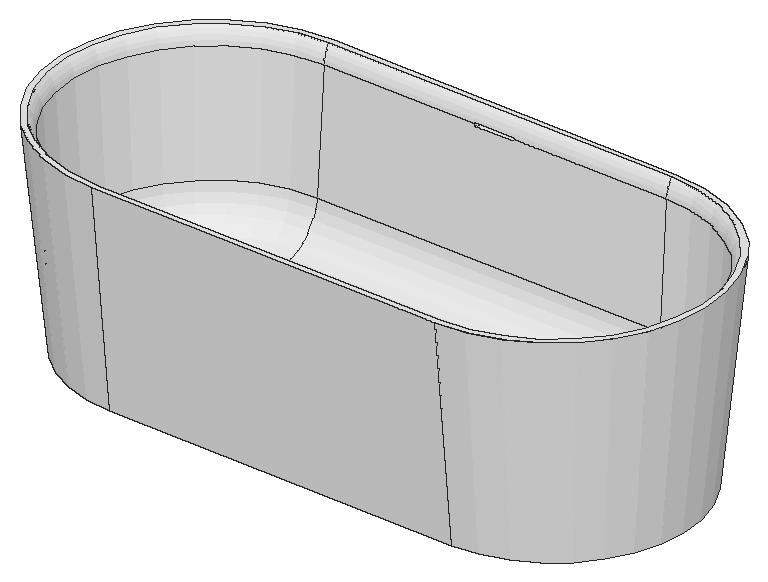
Revit family "Reece_Bath_LAUFEN_Val_Freestanding Bath_1600 mm", category Plumbing Fixtures, Revit 2018
Family settings
  Round Connector Dimension = Use Diameter
  Part Type = Normal
  Work Plane-Based = Yes
  Always vertical = Yes
  Cut with Voids When Loaded = Yes
  Shared = Yes
  Room Calculation Point = Yes
Parameters (values of type "White")
  URL = "https://www.reece.com.au/product/-9510106"
  Type Comments = "Bath"
  Reece_Product_Web Page = "https://www.reece.com.au/product/-9510106"
  Reece_Product_Type = "Bath"  # constant formula
  Reece_Product_Sub Brand = "Val"  # constant formula
  Reece_Product_Number = "9510106"
  Reece_Product_Mount = "Floor Mounted"
  Reece_Product_Description = "LAUFEN Val Freestanding Bath with Overflow 1600 x 750 Sentec White"
  Reece_Product_Brand = "Laufen"  # constant formula
  Reece_Overall_Width = 750 mm  # constant formula
  Reece_Overall_Length = 1600 mm  # constant formula
  Reece_Overall_Height = 520 mm  # constant formula
  Reece_Overall_Capacity = 275.00 L  # constant formula
  Reece_Material_Secondary = Reece_Brass_Chrome
  Reece_Material_Main = Reece_Acrylic_White
  Reece_Detail_Installation = "Floor Mounted"  # constant formula
  Reece_Detail_Disclaimer = "THIS FILE IS THE PROPERTY OF THE REECE GROUP. IT MAY NOT BE REPRODUCED, REVERSE-ENGINEERED OR MODIFIED. ANY REPUBLICATION, TRANSMISSION OR DISTRIBUTION FOR THE PURPOSE OF COMMERCIALLY EXPLOITING THE FILES IS PROHIBITED."  # constant formula
  Reece_Detail_Additional = "Overflow"  # constant formula
  Reece_Bath_Outlet = 40 mm  # constant formula
  Model = "Val"
  Manufacturer = "Laufen"
  Keynote = "Product #9510106, Reece_Bath_LAUFEN_Val_Freestanding Bath_1600 mm - White"
  Disclaimer = "THIS FILE IS THE PROPERTY OF THE REECE GROUP. IT MAY NOT BE REPRODUCED, REVERSE-ENGINEERED OR MODIFIED. ANY REPUBLICATION, TRANSMISSION OR DISTRIBUTION FOR THE PURPOSE OF COMMERCIALLY EXPLOITING THE FILES IS PROHIBITED."  # constant formula
  Description = "Laufen Val Freestanding Bath with Overflow 1600 x 750 Sentec White\r\n"
  Default Elevation = 0 mm
Reference planes
  plane 1 "Center (Front/Back)": y = 0
  plane 2 "Bottom Host Plane": z = 0
  plane 3 "Center (Left/Right)": x = 0
  plane 4: x = -800
  plane 5: y = 375
  plane 6: y = -375
  plane 7: x = 800
  plane 8: z = 520
  plane 9: y = 395.274
  plane 10: y = 340
Forms (mm)
  Sweep 1, solid, material "Reece_Acrylic_White" <- "Reece_Material_Main"
    path origin (0, 0, 0) x (1, 0, 0) y (0, 1, 0)
      loop
        arc (425, -375) -> (800, 0) -> (425, 375) r 375
        line (425, 375) -> (-425, 375)
        arc (-425, 375) -> (-800, 0) -> (-425, -375) r 375
        line (-425, -375) -> (425, -375)
    profile origin (-800, 0, 0) x (-1, 0, 0) y (0, 0, 1)
      loop
        line (0, 520) -> (-13.983, 520)
        arc (-13.983, 520) -> (-26.248, 501.311) -> (-31.425, 479.565) r 64.736
        arc (-31.425, 479.565) -> (-40.739, 335.663) -> (-51.329, 191.85) r 16254.525
        arc (-51.329, 191.85) -> (-84.841, 120.73) -> (-157.081, 89.705) r 110.882
        arc (-157.081, 89.705) -> (-247.44, 85.612) -> (-337.783, 81.153) r 22360.58
        arc (-337.783, 81.153) -> (-340.627, 81.044) -> (-343.474, 81.007) r 110.907
        line (-343.474, 81.007) -> (-370, 81.007) -> (-370, 0) -> (-55, 0) -> (0, 520)
  Extrusion 2, solid, material "Reece_Acrylic_White" <- "Reece_Material_Main"
    sketch origin (0, 0, 0) x (1, 0, 0) y (0, 1, 0)
      loop
        arc (-19.365, -5) -> (-12.247, -15.811) -> (0, -20) r 20
        arc (0, -20) -> (12.247, -15.811) -> (19.365, -5) r 20
        line (19.365, -5) -> (425, -5)
        arc (425, -5) -> (430, 0) -> (425, 5) r 5
        line (425, 5) -> (19.365, 5)
        arc (19.365, 5) -> (12.247, 15.811) -> (0, 20) r 20
        arc (0, 20) -> (-12.247, 15.811) -> (-19.365, 5) r 20
        line (-19.365, 5) -> (-425, 5)
        arc (-425, 5) -> (-430, 0) -> (-425, -5) r 5
        line (-425, -5) -> (-19.365, -5)
    from 0 to 81.007
  Revolve 3, solid, material "Reece_Brass_Chrome" <- "Reece_Material_Secondary"
    sketch origin (0, 155, -38.993) x (0, -1, 0) y (0, 0, 1)
      loop
        line (136.811, 117) -> (136.811, 114.492) -> (155, 114.492) -> (155, 120.952)
        arc (155, 120.952) -> (144.989, 120.714) -> (135, 120) r 210.452
        line (135, 120) -> (135, 117) -> (136.811, 117)
      loop
        line (135, 110) -> (155, 110) -> (155, 113) -> (133.93, 113) -> (133.93, 120) -> (125, 120)
        arc (125, 120) -> (127.929, 112.929) -> (135, 110) r 10
      axis (155, 120.952) -> (155, 110)
    angle from 0 to 360
  Revolve 4, void
    sketch origin (0, 155, -38.993) x (0, -1, 0) y (0, 0, 1)
      loop
        line (155, 120) -> (125, 120)
        arc (125, 120) -> (127.929, 112.929) -> (135, 110) r 10
        line (135, 110) -> (135, 0) -> (155, 0) -> (155, 120)
      axis (155, 0) -> (155, 120)
    angle from 0 to 360
  Extrusion 5, void
    sketch origin (0, 0, 0) x (1, 0, 0) y (0, 0, 1)
      loop
        arc (46.005, 474.796) -> (50.011, 478.803) -> (46.005, 482.809) r 4.006
        line (46.005, 482.809) -> (-46.005, 482.809)
        arc (-46.005, 482.809) -> (-50.011, 478.803) -> (-46.005, 474.796) r 4.006
        line (-46.005, 474.796) -> (46.005, 474.796)
    from -395.274 to -340
Cuts and joins
  Revolve 4, Extrusion 5 cuts Sweep 1
  Revolve 4, Extrusion 5 cuts Extrusion 2
  joined: Sweep 1, Extrusion 2
Lines and regions (mm)
  symbolic lines, style "PlumbingFixtures"
    curve 1: line (410.585, 225.274, 0) -> (-410.585, 225.274, 0)
    curve 2: line (410.585, -240.274, 0) -> (-410.585, -240.274, 0)
    curve 3: arc (-410.585, 225.274, 0) -> (-643.359, -7.5, 0) -> (-410.585, -240.274, 0) r 232.774
    curve 4: arc (410.585, 225.274, 0) -> (643.359, -7.5, 0) -> (410.585, -240.274, 0) r 232.774
Text (mm)
  text "Reece ©" at (2832.014, -1973.195, 3211.604), in view "Reece Preview"
  text "Reece ©" at (1631.025, -1085.127, -1020.679), in view "Ref. Level"
Dimensions and locks
  "Reece_Overall_Length": plane 4 to plane 7
  "Reece_Overall_Width": plane 5 to plane 6
  equal spacing: plane 6, plane 1 "Center (Front/Back)", plane 5
  equal spacing: plane 4, plane 3 "Center (Left/Right)", plane 7
  "Reece_Overall_Height": plane 8 to plane 2 "Bottom Host Plane"
  aligned and locked: plane 9 to Extrusion 5
  aligned and locked: plane 10 to Extrusion 5
Automatic sketch dimensions
  Sweep 1 sketch curve to plane 5 = 0 mm
  plane 6 to Sweep 1 sketch curve = 0 mm
  plane 4 to Sweep 1 sketch curve = 375 mm
  plane 7 to Sweep 1 sketch curve = 375 mm
  Sweep 1 sketch curve to level = 0 mm
  Sweep 1 sketch curve to profile plane = 0 mm
  profile plane to Sweep 1 sketch curve = 13.983 mm
  profile plane to Sweep 1 sketch curve = 55 mm
  profile plane to Sweep 1 sketch curve = 161.874 mm
  Sweep 1 sketch curve to Sweep 1 sketch curve = 181.599 mm
  Sweep 1 sketch curve to Sweep 1 sketch curve = 26.526 mm
  level to Sweep 1 sketch curve = 1457.484 mm
  Sweep 1 sketch curve to Sweep 1 sketch curve = 15886.506 mm
  Sweep 1 sketch curve to profile plane = 33.194 mm
  Sweep 1 sketch curve to profile plane = 809.642 mm
  Sweep 1 sketch curve to level = 22249.967 mm
  level to Sweep 1 sketch curve = 81.007 mm
  Sweep 1 sketch curve to Sweep 1 sketch curve = 110.907 mm
  Sweep 1 sketch curve to Sweep 1 sketch curve = 8.57 mm
  Sweep 1 sketch curve to Sweep 1 sketch curve = 275.187 mm
  Sweep 1 sketch curve to Sweep 1 sketch curve = 44.33 mm
  Sweep 1 sketch curve to Sweep 1 sketch curve = 0 mm  (x3)
  Extrusion 2 sketch curve to Extrusion 2 sketch curve = 0 mm  (x13)
  plane 1 "Center (Front/Back)" to Extrusion 2 sketch curve = 0 mm  (x3)
  Extrusion 2 sketch curve to plane 3 "Center (Left/Right)" = 0 mm
  Extrusion 2 sketch curve to plane 1 "Center (Front/Back)" = 5 mm
  Extrusion 2 sketch curve to plane 3 "Center (Left/Right)" = 19.365 mm
  plane 4 to Extrusion 2 sketch curve = 375 mm
  plane 1 "Center (Front/Back)" to Extrusion 2 sketch curve = 5 mm
  plane 7 to Extrusion 2 sketch curve = 375 mm
  Revolve 4 sketch curve to plane 1 "Center (Front/Back)" = 0 mm  (x2)
  Revolve 4 sketch curve to plane 1 "Center (Front/Back)" = 20 mm
  Revolve 4 sketch curve to Revolve 4 sketch curve = 10 mm
  Revolve 4 sketch curve to level = 38.993 mm
  level to Revolve 4 sketch curve = 71.007 mm
  Revolve 4 sketch curve to level = 18.993 mm
  Revolve 4 sketch curve to Revolve 4 sketch curve = 70 mm
  Revolve 3 sketch curve to plane 1 "Center (Front/Back)" = 0 mm  (x3)
  Revolve 3 sketch curve to plane 1 "Center (Front/Back)" = 18.189 mm
  Revolve 3 sketch curve to Revolve 3 sketch curve = 1.811 mm
  Revolve 3 sketch curve to Revolve 3 sketch curve = 1.07 mm  (x2)
  Revolve 3 sketch curve to level = 128.493 mm
  level to Revolve 3 sketch curve = 71.007 mm
  Revolve 3 sketch curve to Revolve 3 sketch curve = 3 mm  (x2)
  Revolve 3 sketch curve to Revolve 3 sketch curve = 1.492 mm
  Revolve 3 sketch curve to Revolve 3 sketch curve = 2.508 mm
  Revolve 3 sketch curve to Revolve 3 sketch curve = 0 mm
  Revolve 3 sketch curve to Revolve 3 sketch curve = 41.589 mm
  Revolve 3 sketch curve to Revolve 3 sketch curve = 81.089 mm
  plane 4 to curve 1 = 389.415 mm
  plane 1 "Center (Front/Back)" to curve 4 = 7.5 mm
  plane 7 to curve 4 = 389.415 mm
  curve 2 to plane 6 = 134.726 mm
  Extrusion 5 sketch curve to plane 3 "Center (Left/Right)" = 46.005 mm
  plane 3 "Center (Left/Right)" to Extrusion 5 sketch curve = 46.005 mm
  Extrusion 5 sketch curve to plane 8 = 45.204 mm
  Extrusion 5 sketch curve to Extrusion 5 sketch curve = 4.006 mm
Connectors
  piping at (0, 0, 0), diameter 40, driven by "Reece_Bath_Outlet"
    settings: on cut or joined group of Sweep 1, Extrusion 2, Revolve 4, Extrusion 5, index 1, connector inside diameter 609.6 mm, connector length 0 mm, flow factor 0, pipe flow 0.0 L/s, pressure drop 0.0 Pa, fitting loss kfactor 0, connector angle 0.00°, fixture units 0, engagement length 0 mm, angle of deflection 0.00°, flow configuration 0, flow direction 2, fitting loss method 0, system type 16, joint type 0, gender type 0, connector reference index -1, connector utility 0, adjustable connector no, is connector primary yes, connector description ""
